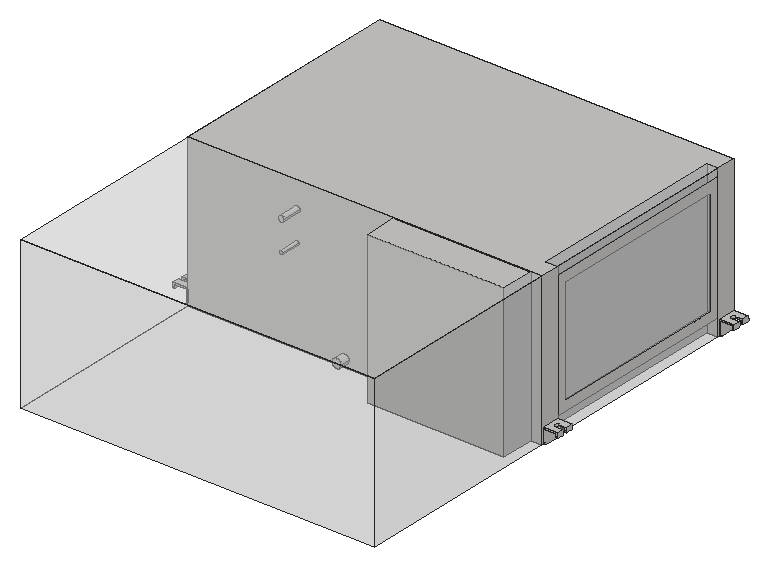
Revit family "outputfile", category 機械設備, Revit 2024
Family settings
  丸型コネクタ寸法 = 半径を使用
  パーツ タイプ = 標準
  OmniClass 番号 = 23.75.10.24.21.27.27
  OmniClass タイトル = Split System Air Conditioning Units
  作業面ベース = いいえ
  常に垂直 = はい
  ロード時にボイドで切り取り = いいえ
  注釈の向きを維持 = いいえ
  共有 = いいえ
  部屋計算ポイント = はい
Parameters (values of type "FXMQ125MFV1")
  Description = ""
  製造元 = "Daikin"
  書き出し IFC クラス(タイプ) = "IfcUnitaryEquipmentType"
  定義済み IFC タイプ(タイプ) = "AIRCONDITIONINGUNIT"
  Cost = 0
  モデル = "FXMQ125MFV1"
  Type Comments = ""
  Keynote = ""
  Type Image = (empty or 0)
  Assembly Code = ""
  w_dischargeflange = 660.0 mm
  w_suctionflange = 624.0 mm
  r_Liquid Pipe Size = Liquid Pipe Size / 2  # 4.75 mm
  r_Gas Pipe Size = Gas Pipe Size / 2  # 7.95 mm
  r_Drain Pipe Size = Drain Pipe Size / 2  # 13.8 mm
  lw_powersupply = 247.5 mm  # constant formula
  lw_mountinghole_pitch = 1148.0 mm  # constant formula
  lw_mountinghole = if(Depth = 744.0 mm, 29.5 mm, if(Depth = 1380.0 mm, 42.0 mm, 42.0 mm))  # 29.5 mm
  lw_liquidpipe = 760.0 mm  # constant formula
  lw_gaspipe = 760.0 mm  # constant formula
  lw_drainpipe = 613.0 mm  # constant formula
  lh_dischargeflange = 250.0 mm  # constant formula
  lh_powersupply = 20.0 mm  # constant formula
  lh_liquidpipe = 296.0 mm  # constant formula
  lh_gaspipe = 390.0 mm  # constant formula
  lh_drainpipe = 25.0 mm  # constant formula
  lh_suctionflange = 250.0 mm  # constant formula
  lh_antena = Height - lh_mountinghole + 1.0 mm  # 421.0 mm
  ld_dischargeflange = 372.0 mm
  ld_powersupply = 211.5 mm  # constant formula
  ld_mountinghole_pitch = if(Depth = 744.0 mm, 685.0 mm, if(Depth = 1380.0 mm, 1296.0 mm, 1296.0 mm))  # 685.0 mm
  ld_suctionflange = 372.0 mm
  h_dischargeflange = 390.0 mm  # constant formula
  lh_mountinghole = 50.0 mm  # constant formula
  h_mountinghole = [h***] + lh_mountinghole  # 50.0 mm
  h_suctionflange = 390.0 mm  # constant formula
  h*** = 0.0 mm  # constant formula
  d_dischargeflange = 25.0 mm  # constant formula
  d_pipe = if(Depth = 744.0 mm, 61.0 mm, if(Depth = 1380.0 mm, 60.0 mm, 60.0 mm))  # 61.0 mm
  d_suctionflange = 25.0 mm  # constant formula
  Width = 1100.0 mm
  Voltage_comment_50Hz = "220-240"
  Voltage_50Hz = 230 V
  Version = "ver.1.0"
  Unit Type = "Outdoor Air Processing Unit"
  Unit Mass Weight = 86.00 kg
  Unit Designation [instance] = ""
  Uniclass2015Version = "Products v1.30"
  Uniclass2015Title = "Variable refrigerant flow units"
  Uniclass2015Code = "Pr_70_65_03_94"
  URL = ""
  Total Heating Capacity [instance] = 0.000 kW
  Total Cooling Capacity [instance] = 0.000 kW
  Supply Air Direction [instance] = yes
  Sound Pressure Level_M speed (dBA) = 0
  Sound Pressure Level_L speed (dBA) = 0
  Sound Pressure Level_H speed (dBA) = 42
  Sound Power Level_H speed (dB) = 0
  Series = "VRV Fan Coil Unit"
  Sensible Cooling Capacity [instance] = 0.000 kW
  SA Duct Size Width = 600.0 mm
  SA Duct Size Height = 330.0 mm
  Refrigerant Type = "R410A"
  Power Input (Heating) = 0.359 kW
  Power Input (Cooling) = 0.359 kW
  Phase_50Hz = 1
  Option Accessory 3 [instance] = ""
  Option Accessory 2 [instance] = ""
  Option Accessory 1 [instance] = ""
  OA Duct Size Width = 564.0 mm
  OA Duct Size Height = 330.0 mm
  Nominal Heating Capacity = 8.900 kW
  Nominal Cooling Capacity = 14.000 kW
  Minimum External Static Pressure = 0.00 Pa
  Minimum Circuit Amps_50Hz = 1.9 A
  Minimum Airflow = 0.00 m³/h
  Median Airflow = 0.00 m³/h
  Maximum Fuse Amps_50Hz = 15.0 A
  Maximum External Static Pressure = 225.00 Pa
  Maximum Airflow = 1080.00 m³/h
  Material_Casing = DAIKIN_GalvanizedSteel_Casing_indoorunit
  Load Classification = HVAC
  Liquid Pipe Size = 9.5 mm
  Link_Nested Family [instance] = ""
  IfcVersion = "0"
  IfcExportType = "AIRCONDITIONINGUNIT"
  IfcExportAs = "IfcUnitaryEquipmentType"
  Height = 470.0 mm
  Heating Entering Wet Bulb Temperature [instance] = 0.00 °C
  Heating Entering Dry Bulb Temperature [instance] = 0.00 °C
  Heating Ambient Wet Bulb Temperature [instance] = 0.00 °C
  Heating Ambient Dry Bulb Temperature [instance] = 0.00 °C
  Heat Exchanger Type = "Cross Fin Coil"
  Gas Pipe Size = 15.9 mm
  Frequency_50Hz = 50 Hz
  Fan Type = "Sirocco Fan"
  Fan Drive = "Direct Drive"
  FCU Tag No. [instance] = ""
  Drain Pipe Size = 27.6 mm
  Design Supply Airflow [instance] = 0.00 m³/h
  Design Outdoor Airflow [instance] = 0.00 m³/h
  Design External Static Pressure [instance] = 0.00 Pa
  Depth = 744.0 mm
  既定の高さ = 0.0 mm
  Cooling Entering Wet Bulb Temperature [instance] = 0.00 °C
  Cooling Entering Dry Bulb Temperature [instance] = 0.00 °C
  Cooling Ambient Wet Bulb Temperature [instance] = 0.00 °C
  Cooling Ambient Dry Bulb Temperature [instance] = 0.00 °C
  Clearance visibility [instance] = yes
  Clearance Top = 0.0 mm
  Clearance Right = 0.0 mm
  Clearance Rear = 0.0 mm
  Clearance Left = 0.0 mm
  Clearance Front = 650.0 mm
  Clearance Bottom = 0.0 mm
Reference planes
  plane 1 "Center (Front/Back)": y = 0
  plane 2: z = 0
  plane 3 "Center (Left/Right)": x = 0
  plane 4 "Back": y = 372
  plane 5 "Front": y = -372
  plane 6 "Left": x = -550
  plane 7 "Right": x = 550
  plane 8 "Top": z = 0
  plane 9 "Bottom": z = -470
  plane 10: y = 372
  plane 11: y = -1022
  plane 12: x = 550
  plane 13: x = -550
  plane 14: z = 0
  plane 15: z = -470
  plane 16: y = -474
  plane 17: y = -402
  plane 18: y = -433
  plane 19 "ld_drainpipe": x = -63
  plane 20 "ld_liquidpipe": x = -210
  plane 21 "ld_gaspipe": x = -210
  plane 22 "lh_gaspipe": z = -80
  plane 23 "lh_drainpipe": z = -445
  plane 24 "lh_liquidpipe": z = -174
  plane 25 "h_mountinghole": z = -420
  plane 26 "lh_powersuply": z = -450
  plane 27 "lh_suctionflange": z = -220
  plane 28 "ld_suctionflange": y = 0
  plane 29 "ld_dischargeflange": y = 0
  plane 30 "lh_dischargeflange": z = -220
  plane 31 "control box1": x = 514
  plane 32 "control box2": x = 91
  plane 33: y = -423
  plane 34 "lw_powersupply": x = 302.5
  plane 35: y = 342.5
  plane 36: y = -342.5
  plane 37: x = -574
  plane 38: x = 574
  plane 39 "w_suctionflange1": y = 312
  plane 40 "w_suctionflange2": y = -312
Forms (mm)
  Extrusion 1, solid, material "DAIKIN_GalvanizedSteel_Casing_indoorunit" <- "Material_Casing"
    sketch origin (0, 0, 0) x (1, 0, 0) y (0, 0, 1)
      loop
        line (-550, 0) -> (-550, -470) -> (550, -470) -> (550, 0) -> (-550, 0)
    from -372 to 372
  Extrusion 2, solid, material "DAIKIN_GalvanizedSteel_Casing_indoorunit" <- "Material_Casing"
    sketch origin (0, 0, 0) x (1, 0, 0) y (0, 0, 1)
      loop
        line (91, -470) -> (514, -470) -> (514, 0) -> (91, 0) -> (91, -470)
    from 372 to 474
  Extrusion 3, solid, material "DAIKIN_GalvanizedSteel_Casing_indoorunit" <- "Material_Casing"
    sketch origin (0, 0, 0) x (1, 0, 0) y (0, 0, 1)
      loop
        circle (-210, -174) r 4.75
      loop
        circle (-210, -80) r 7.95
    from 372 to 433
  Extrusion 4, solid, material "DAIKIN_GalvanizedSteel_Casing_indoorunit" <- "Material_Casing"
    sketch origin (63, 0, 0) x (1, 0, 0) y (0, 0, 1)
      loop
        circle (-126, -445) r 13.8
    from 372 to 402
  Extrusion 5, void
    sketch origin (0, 0, 0) x (0, 1, 0) y (0, 0, 1)
      loop
        line (-312, 545) -> (-312, -985) -> (312, -985) -> (312, 545) -> (-312, 545)
    from 514 to 550
Cuts and joins
  Extrusion 5 cuts Extrusion 1
Dimensions and locks
  "Height": plane 8 "Top" to plane 9 "Bottom"
  equal spacing: plane 6 "Left", plane 3 "Center (Left/Right)", plane 7 "Right"
  "Width": plane 6 "Left" to plane 7 "Right"
  equal spacing: plane 4 "Back", plane 1 "Center (Front/Back)", plane 5 "Front"
  "Depth": plane 4 "Back" to plane 5 "Front"
  "Clearance Left": plane 13 to plane 6 "Left"
  "Clearance Right": plane 7 "Right" to plane 12
  "Clearance Rear": plane 10 to plane 4 "Back"
  "Clearance Front": plane 5 "Front" to plane 11
  "Clearance Top": plane 14 to plane 8 "Top"
  "Clearance Bottom": plane 9 "Bottom" to plane 15
  locked: plane 5 "Front" to plane 16 at 102
  "d_pipe": plane 5 "Front" to plane 18
  "lw_drainpipe": plane 19 "ld_drainpipe" to plane 7 "Right"
  "lw_liquidpipe": plane 20 "ld_liquidpipe" to plane 7 "Right"
  "lw_gaspipe": plane 21 "ld_gaspipe" to plane 7 "Right"
  "lh_gaspipe": plane 22 "lh_gaspipe" to plane 9 "Bottom"
  "lh_liquidpipe": plane 24 "lh_liquidpipe" to plane 9 "Bottom"
  "lh_drainpipe": plane 23 "lh_drainpipe" to plane 9 "Bottom"
  "lh_mountinghole": plane 25 "h_mountinghole" to plane 9 "Bottom"
  "lh_powersupply": plane 26 "lh_powersuply" to plane 9 "Bottom"
  "lh_suctionflange": plane 27 "lh_suctionflange" to plane 9 "Bottom"
  "ld_suctionflange": plane 28 "ld_suctionflange" to plane 5 "Front"
  "ld_dischargeflange": plane 4 "Back" to plane 29 "ld_dischargeflange"
  "lh_dischargeflange": plane 30 "lh_dischargeflange" to plane 9 "Bottom"
  locked: plane 5 "Front" to plane 17 at 30
  locked: plane 32 "control box2" to plane 31 "control box1" at 423
  locked: plane 31 "control box1" to plane 7 "Right" at 36
  "lw_powersupply": plane 34 "lw_powersupply" to plane 7 "Right"
  equal spacing: plane 37, plane 3 "Center (Left/Right)", plane 38
  "lw_mountinghole_pitch": plane 37 to plane 38
  "lw_mountinghole": plane 36 to plane 5 "Front"
  "ld_mountinghole_pitch": plane 35 to plane 36
  equal spacing: plane 5 "Front", plane 33, plane 16, locked at 51 each
  equal spacing: plane 39 "w_suctionflange1", plane 29 "ld_dischargeflange", plane 40 "w_suctionflange2"
  "w_suctionflange": plane 39 "w_suctionflange1" to plane 40 "w_suctionflange2"
  "r_Liquid Pipe Size": radius of Extrusion 3 sketch curve
  "r_Gas Pipe Size": radius of Extrusion 3 sketch curve
  "r_Drain Pipe Size": radius of Extrusion 4 sketch curve
  aligned and locked: level to plane 2
  aligned and locked: Extrusion 1 sketch curve to plane 8 "Top"
  aligned and locked: Extrusion 1 sketch curve to plane 6 "Left"
  aligned and locked: plane 9 "Bottom" to Extrusion 1 sketch curve
  aligned and locked: Extrusion 1 sketch curve to plane 7 "Right"
  aligned and locked: plane 4 "Back" to Extrusion 1
  aligned and locked: Extrusion 1 to plane 5 "Front"
  aligned and locked: plane 10 to nested 1
  aligned and locked: plane 11 to nested 1
  aligned and locked: plane 12 to nested 1
  aligned and locked: nested 1 to plane 13
  aligned and locked: plane 15 to nested 1
  aligned and locked: plane 14 to nested 1
  aligned and locked: Extrusion 2 to plane 16
  aligned and locked: plane 5 "Front" to Extrusion 2
  aligned and locked: plane 24 "lh_liquidpipe" to Extrusion 3 sketch curve
  aligned and locked: plane 20 "ld_liquidpipe" to Extrusion 3 sketch curve
  aligned and locked: plane 21 "ld_gaspipe" to Extrusion 3 sketch curve
  aligned and locked: plane 22 "lh_gaspipe" to Extrusion 3 sketch curve
  aligned and locked: Extrusion 3 to plane 18
  aligned and locked: plane 5 "Front" to Extrusion 3
  aligned and locked: nested 2 to plane 5 "Front"
  aligned and locked: nested 2 to plane 19 "ld_drainpipe"
  aligned and locked: plane 23 "lh_drainpipe" to nested 2
  aligned and locked: nested 3 to plane 5 "Front"
  aligned and locked: nested 4 to plane 5 "Front"
  aligned and locked: plane 24 "lh_liquidpipe" to nested 3
  aligned and locked: plane 22 "lh_gaspipe" to nested 4
  aligned and locked: plane 25 "h_mountinghole" to nested 5
  aligned and locked: plane 25 "h_mountinghole" to nested 6
  aligned and locked: nested 7 to plane 25 "h_mountinghole"
  aligned and locked: nested 8 to plane 25 "h_mountinghole"
  aligned and locked: nested 13 to plane 26 "lh_powersuply"
  aligned and locked: plane 1 "Center (Front/Back)" to nested 14
  aligned and locked: nested 14 to plane 3 "Center (Left/Right)"
  aligned and locked: nested 15 to plane 29 "ld_dischargeflange"
  aligned and locked: nested 15 to plane 6 "Left"
  aligned and locked: plane 30 "lh_dischargeflange" to nested 15
  aligned and locked: nested 16 to plane 6 "Left"
  aligned and locked: nested 16 to plane 29 "ld_dischargeflange"
  aligned and locked: plane 28 "ld_suctionflange" to nested 17
  aligned and locked: nested 17 to plane 27 "lh_suctionflange"
  aligned and locked: nested 16 to plane 30 "lh_dischargeflange"
  aligned and locked: nested 3 to plane 20 "ld_liquidpipe"
  aligned and locked: nested 4 to plane 21 "ld_gaspipe"
  aligned and locked: Extrusion 2 sketch curve to plane 31 "control box1"
  aligned and locked: Extrusion 2 sketch curve to plane 32 "control box2"
  aligned and locked: Extrusion 2 sketch curve to plane 14
  aligned and locked: Extrusion 2 sketch curve to plane 15
  aligned and locked: plane 19 "ld_drainpipe" to Extrusion 4 sketch curve
  aligned and locked: plane 23 "lh_drainpipe" to Extrusion 4 sketch curve
  aligned and locked: Extrusion 4 to plane 17
  aligned and locked: nested 13 to plane 34 "lw_powersupply"
  aligned and locked: plane 33 to nested 13
  aligned and locked: nested 5 to plane 35
  aligned and locked: plane 35 to nested 7
  aligned and locked: nested 6 to plane 36
  aligned and locked: plane 36 to nested 8
  aligned and locked: nested 18 to plane 1 "Center (Front/Back)"
  aligned and locked: plane 27 "lh_suctionflange" to nested 18
  aligned and locked: Extrusion 5 sketch curve to plane 39 "w_suctionflange1"
  aligned and locked: Extrusion 5 sketch curve to plane 40 "w_suctionflange2"
  aligned and locked: plane 7 "Right" to Extrusion 5
  aligned and locked: plane 7 "Right" to nested 18
  aligned and locked: plane 3 "Center (Left/Right)" to nested 17
  aligned and locked: nested 11 to plane 37
  aligned and locked: nested 12 to plane 38
  aligned and locked: nested 10 to plane 37
  aligned and locked: nested 9 to plane 38
  aligned and locked: nested 5 to plane 6 "Left"
  aligned and locked: nested 7 to plane 7 "Right"
  aligned and locked: nested 8 to plane 7 "Right"
  aligned and locked: nested 9 to plane 36
  aligned and locked: nested 10 to plane 36
  aligned and locked: nested 12 to plane 35
  aligned and locked: nested 11 to plane 35
  aligned and locked: Extrusion 5 to Extrusion 2
Automatic sketch dimensions
  level to Extrusion 5 sketch curve = 545.0 mm
  Extrusion 5 sketch curve to plane 9 "Bottom" = 515.0 mm
Nested families
  nested 1: "daikin_clearancespace" at (0, -325, -234.881), visible <- "Clearance visibility", show <- "Clearance visibility", Link_Nested Family <- "Link_Nested Family", type "daikin_clearancespace"
    with width 1100.0 mm, show yes, height 470.0 mm, depth 1394.0 mm, Link_Nested Family ""
  nested 2: "daikin_connector_rotate2" at (-63, -372, -445), radius <- "r_Drain Pipe Size", type "daikin_connector_rotate2"
    with radius 13.8 mm, length 30.0 mm, angle_vertical 90.00°, show_face no
  nested 3: "daikin_connector_rotate2" at (-210, -372, -174), length <- "d_pipe", radius <- "r_Liquid Pipe Size", type "daikin_connector_rotate2"
    with radius 4.75 mm, length 61.0 mm, angle_vertical 90.00°, show_face no
  nested 4: "daikin_connector_rotate2" at (-210, -372, -80), length <- "d_pipe", radius <- "r_Gas Pipe Size", type "daikin_connector_rotate2"
    with radius 7.95 mm, length 61.0 mm, angle_vertical 90.00°, show_face no
  nested 5: "daikin_hangerfixture_FXMQ-MFV1" at (-550, 342.5, -420) x (0, -1, 0) z (0, 0, 1), type "daikin_hangerfixture_FXMQ-MFV1"
  nested 6: "daikin_hangerfixture_FXMQ-MFV1" at (-550, -342.5, -420) x (0, -1, 0) z (0, 0, 1), type "daikin_hangerfixture_FXMQ-MFV1"
  nested 7: "daikin_hangerfixture_FXMQ-MFV1" at (550, 342.5, -420) x (0, -1, 0) z (0, 0, 1), type "daikin_hangerfixture_FXMQ-MFV1"
  nested 8: "daikin_hangerfixture_FXMQ-MFV1" at (550, -342.5, -420) x (0, -1, 0) z (0, 0, 1), type "daikin_hangerfixture_FXMQ-MFV1"
  nested 9: "daikin_mountinghole" at (574, -342.5, -470), Link_Nested Family <- "Link_Nested Family", l_antenna <- "lh_antena", h_mountinghole <- "h_mountinghole", type "daikin_mountinghole"
    with show yes, l_antenna 421.0 mm, h_mountinghole 50.0 mm, Link_Nested Family ""
  nested 10: "daikin_mountinghole" at (-574, -342.5, -470), Link_Nested Family <- "Link_Nested Family", l_antenna <- "lh_antena", h_mountinghole <- "h_mountinghole", type "daikin_mountinghole"
    with show yes, l_antenna 421.0 mm, h_mountinghole 50.0 mm, Link_Nested Family ""
  nested 11: "daikin_mountinghole" at (-574, 342.5, -470), Link_Nested Family <- "Link_Nested Family", l_antenna <- "lh_antena", h_mountinghole <- "h_mountinghole", type "daikin_mountinghole"
    with show yes, l_antenna 421.0 mm, h_mountinghole 50.0 mm, Link_Nested Family ""
  nested 12: "daikin_mountinghole" at (574, 342.5, -470), Link_Nested Family <- "Link_Nested Family", l_antenna <- "lh_antena", h_mountinghole <- "h_mountinghole", type "daikin_mountinghole"
    with show yes, l_antenna 421.0 mm, h_mountinghole 50.0 mm, Link_Nested Family ""
  nested 13: "daikin_connector_rotate2" at (302.5, -423, -450) x (0, 1, 0) z (0, 0, 1), length <- "ld_powersupply", type "daikin_connector_rotate2"
    with radius 10.0 mm, length 211.5 mm, angle_vertical 90.00°, show_face no
  nested 14: "daikin_△_symbolicline" at (0, 0, 470) x (0, -1, 0) z (0, 0, 1), visible <- "Supply Air Direction", built-in parameter 1001364 <- "Height", type "daikin_△_symbolicline"
    with length 300.0 mm
  nested 15: "daikin_ductflange_FXMQ-MFV1_1" at (-550, 0, -415) x (0, -1, 0) z (0, 0, 1), material <- "Material_Casing", depth <- "d_dischargeflange", height <- "h_dischargeflange", width <- "w_dischargeflange", type "daikin_ductflange_FXMQ-MFV1"
    with width 660.0 mm, top1 30.0 mm, right1 30.0 mm, material DAIKIN_GalvanizedSteel_Casing_indoorunit, left1 30.0 mm, height 390.0 mm, depth 25.0 mm, Bottom1 30.0 mm
  nested 16: "daikin_connector_rotate2" at (-550, 0, -220) x (0, -1, 0) z (0, 0, 1), length <- "d_dischargeflange", type "daikin_connector_rotate2"
    with radius 10.0 mm, length 25.0 mm, angle_vertical 90.00°, show_face no
  nested 17: "daikin_connector_rotate2" at (0, 0, -220) x (0, 1, 0) z (0, 0, 1), type "daikin_connector_rotate2"
    with radius 10.0 mm, length 550.0 mm, angle_vertical 90.00°, show_face no
  nested 18: "daikin_ductflange_FXMQ-MFV1_2" at (549, 0, -415) x (0, 1, 0) z (0, 0, 1), width <- "w_suctionflange", height <- "h_suctionflange", type "daikin_ductflange_FXMQ-MFV1_2"
    with width 624.0 mm, height 390.0 mm, depth 1.0 mm
Connectors
  piping at (-210, -433, -174), diameter 9.5, driven by "r_Liquid Pipe Size"
    settings: on nested 3, index 2, connector inside diameter 609.6 mm, connector length 0.0 mm, flow factor 0, pipe flow 0.00 m³/h, pressure drop 0.0 Pa, fitting loss kfactor 0, connector angle 0.00°, fixture units 0, engagement length 0.0 mm, angle of deflection 0.00°, flow configuration 1, flow direction 1, fitting loss method 0, system type 29, joint type 0, gender type 0, connector reference index -1, connector utility 0, adjustable connector no, is connector primary yes, connector description "Refrigerant Liquid Piping"
  piping at (-210, -433, -80), diameter 15.9, driven by "r_Gas Pipe Size"
    settings: on nested 4, index 3, connector inside diameter 609.6 mm, connector length 0.0 mm, flow factor 0, pipe flow 0.00 m³/h, pressure drop 0.0 Pa, fitting loss kfactor 0, connector angle 0.00°, fixture units 0, engagement length 0.0 mm, angle of deflection 0.00°, flow configuration 1, flow direction 2, fitting loss method 0, system type 29, joint type 0, gender type 0, connector reference index -1, connector utility 0, adjustable connector no, is connector primary no, connector description "Refrigerant Gas Piping"
  electrical at (514, -423, -450), driven by "Load Classification"
    settings: on nested 13, index 4, voltage 0 V, apparent load 0 VA, apparent load phase1 0 VA, apparent load phase2 0 VA, apparent load phase3 0 VA, power factor 1, load classification "HVAC", number of poles 1, system type 30, power factor state 1, is connector primary yes, connector utility no, sub classification motor no, connector description "Power Supply"
  hvac at (-575, 0, -220), driven by "SA Duct Size Height", driven by "SA Duct Size Width"
    settings: on nested 15, index 6, duct flow 0.00 m³/h, flow factor 0, pres drop 0.00 Pa, loss coef 0, conn angle 0.00°, conn width 600.0 mm, conn height 330.0 mm, conn diameter 609.6 mm, duct sys type 1, conn prof type 1, flow config 0, flow direction 2, loss method 4, conn ref index -1, conn util no, is conn primary yes, conn desc "SA Duct"
  piping at (-63, -402, -445), diameter 27.6, driven by "r_Drain Pipe Size"
    settings: on Extrusion 4, index 7, connector inside diameter 609.6 mm, connector length 0.0 mm, flow factor 0, pipe flow 0.00 m³/h, pressure drop 0.0 Pa, fitting loss kfactor 0, connector angle 0.00°, fixture units 0, engagement length 0.0 mm, angle of deflection 0.00°, flow configuration 1, flow direction 2, fitting loss method 4, system type 16, joint type 0, gender type 0, connector reference index -1, connector utility 0, adjustable connector no, is connector primary no, connector description "Condensate Drain Piping"
  hvac at (550, 0, -220), driven by "OA Duct Size Height", driven by "OA Duct Size Width"
    settings: on nested 18, index 8, duct flow 0.00 m³/h, flow factor 0, pres drop 0.00 Pa, loss coef 0, conn angle 0.00°, conn width 564.0 mm, conn height 330.0 mm, conn diameter 609.6 mm, duct sys type 1, conn prof type 1, flow config 0, flow direction 1, loss method 4, conn ref index -1, conn util no, is conn primary no, conn desc "OA Duct"
Definition of nested family "daikin_clearancespace"
  Parameters (values of type "daikin_clearancespace")
    width [instance] = 1823.963 mm
    show [instance] = yes
    material = none
    height [instance] = 1359.762 mm
    depth [instance] = 880.0 mm
    Default Elevation = 0.0 mm
    Link_Nested Family [instance] = ""
  Reference planes
    plane 1 "Center (Front/Back)": y = 0
    plane 2 "Center (Elevation)": z = -0.119
    plane 3 "Center (Left/Right)": x = 0
    plane 4: y = 440
    plane 5: y = -440
    plane 6 "Right": x = 911.982
    plane 7 "Left": x = -911.982
    plane 8 "Top": z = 679.762
    plane 9 "Bottom": z = -680
  Forms (mm)
    Extrusion 1, solid, material <- "material", visible <- "show"
      sketch origin (0, 0, 0) x (1, 0, 0) y (0, 1, 0)
        loop
          line (-911.982, 440) -> (-911.982, -440) -> (911.982, -440) -> (911.982, 440) -> (-911.982, 440)
      from -680 to 679.762
  Lines and regions (mm)
    symbolic lines, visible <- "show"
      curve 1: line (911.982, 440, 0) -> (-911.982, 440, 0)
      curve 2: line (-911.982, 440, 0) -> (-911.982, -440, 0)
      curve 3: line (-911.982, -440, 0) -> (911.982, -440, 0)
      curve 4: line (911.982, -440, 0) -> (911.982, 440, 0)
      curve 5: line (911.982, 0, 679.762) -> (-911.982, 0, 679.762)
      curve 6: line (911.982, 0, -680) -> (911.982, 0, 679.762)
      curve 7: line (-911.982, 0, -680) -> (911.982, 0, -680)
      curve 8: line (-911.982, 0, 679.762) -> (-911.982, 0, -680)
      curve 9: line (0, 440, 679.762) -> (0, -440, 679.762)
      curve 10: line (0, -440, 679.762) -> (0, -440, -680)
      curve 11: line (0, 440, -680) -> (0, 440, 679.762)
      curve 12: line (0, -440, -680) -> (0, 440, -680)
  Dimensions and locks
    "width": plane 7 "Left" to plane 6 "Right"
    "depth": plane 4 to plane 5
    "height": plane 8 "Top" to plane 9 "Bottom"
    equal spacing: plane 7 "Left", plane 3 "Center (Left/Right)", plane 6 "Right"
    equal spacing: plane 4, plane 1 "Center (Front/Back)", plane 5
    equal spacing: plane 8 "Top", plane 2 "Center (Elevation)", plane 9 "Bottom"
    aligned and locked: level to plane 2 "Center (Elevation)"
    aligned and locked: Extrusion 1 sketch curve to plane 4
    aligned and locked: plane 7 "Left" to Extrusion 1 sketch curve
    aligned and locked: Extrusion 1 sketch curve to plane 5
    aligned and locked: Extrusion 1 sketch curve to plane 6 "Right"
    aligned and locked: plane 8 "Top" to Extrusion 1
    aligned and locked: curve 1 to Extrusion 1
    aligned and locked: curve 2 to Extrusion 1
    aligned and locked: curve 3 to Extrusion 1
    aligned and locked: curve 4 to Extrusion 1
    aligned and locked: curve 5 to Extrusion 1
    aligned and locked: curve 6 to Extrusion 1
    aligned and locked: curve 7 to Extrusion 1
    aligned and locked: curve 8 to Extrusion 1
    aligned and locked: curve 9 to Extrusion 1
    aligned and locked: curve 10 to Extrusion 1
    aligned and locked: curve 11 to Extrusion 1
    aligned and locked: curve 12 to Extrusion 1
    aligned and locked: Extrusion 1 to plane 9 "Bottom"
Definition of nested family "daikin_hangerfixture_FXMQ-MFV1"
  Parameters (values of type "daikin_hangerfixture_CeilingMountedDuct")
    width = if(D = 744.0 mm, 55.0 mm, if(D = 1380.0 mm, 80.0 mm, 80.0 mm))  # 55.0 mm
    material = none
    height = 50.0 mm
    depth = 47.0 mm
    Default Elevation = 0.0 mm
    D = 744.0 mm
  Reference planes
    plane 1 "Center (Front/Back)": y = 0
    plane 2: z = 0
    plane 3 "Center (Left/Right)": x = 0
    plane 4: y = 417.146
    plane 5: y = -47
    plane 6: x = -27.5
    plane 7: x = 27.5
    plane 8: z = -5
    plane 9: z = -50
    plane 10: y = -5
    plane 11: y = -42
    plane 12: y = -24
    plane 13: z = -15
  Forms (mm)
    Extrusion 1, solid, material <- "material"
      sketch origin (0, 0, 0) x (1, 0, 0) y (0, 1, 0)
        loop
          line (27.5, 0) -> (-27.5, 0) -> (-27.5, -47) -> (-7, -47) -> (-7, -24)
          arc (-7, -24) -> (0, -17) -> (7, -24) r 7
          line (7, -24) -> (7, -47) -> (27.5, -47) -> (27.5, 0)
      from 0 to -5
    Extrusion 2, solid, material <- "material"
      sketch origin (0, 0, 0) x (1, 0, 0) y (0, 0, 1)
        loop
          line (27.5, -40) -> (27.5, 0) -> (-27.5, 0) -> (-27.5, -40)
          arc (-27.5, -40) -> (-24.571, -47.071) -> (-17.5, -50) r 10
          line (-17.5, -50) -> (17.5, -50)
          arc (17.5, -50) -> (24.571, -47.071) -> (27.5, -40) r 10
      from 0 to 5
    Extrusion 3, solid, material <- "material"
      sketch origin (0, 0, 0) x (1, 0, 0) y (0, 0, 1)
        loop
          line (-7, -12) -> (-7, 0) -> (-27.5, 0) -> (-27.5, -12)
          arc (-27.5, -12) -> (-26.621, -14.121) -> (-24.5, -15) r 3
          line (-24.5, -15) -> (-10, -15)
          arc (-10, -15) -> (-7.879, -14.121) -> (-7, -12) r 3
        loop
          line (7, 0) -> (7, -12)
          arc (7, -12) -> (7.879, -14.121) -> (10, -15) r 3
          line (10, -15) -> (24.5, -15)
          arc (24.5, -15) -> (26.621, -14.121) -> (27.5, -12) r 3
          line (27.5, -12) -> (27.5, 0) -> (7, 0)
      from 42 to 47
  Cuts and joins
    joined: Extrusion 1, Extrusion 2, Extrusion 3
  Dimensions and locks
    "width": plane 6 to plane 7
    "depth": plane 5 to plane 1 "Center (Front/Back)"
    locked: plane 2 to plane 8 at 5
    "height": plane 2 to plane 9
    locked: plane 10 to plane 1 "Center (Front/Back)" at 5
    locked: plane 11 to plane 5 at 5
    locked: plane 2 to plane 13 at 15
    equal spacing: plane 6, plane 3 "Center (Left/Right)", plane 7
    plane 12 to plane 1 "Center (Front/Back)" = 24.0 mm
    aligned and locked: level to plane 2
    aligned and locked: Extrusion 1 sketch curve to plane 1 "Center (Front/Back)"
    aligned and locked: plane 7 to Extrusion 1
    aligned and locked: Extrusion 1 to plane 6
    aligned and locked: Extrusion 1 to plane 5  (x2)
    aligned and locked: Extrusion 1 to plane 8
    aligned and locked: plane 2 to Extrusion 1
    aligned and locked: plane 2 to Extrusion 2 sketch curve
    aligned and locked: Extrusion 2 to plane 10
    aligned and locked: Extrusion 2 to plane 1 "Center (Front/Back)"
    aligned and locked: plane 2 to Extrusion 3 sketch curve  (x2)
    aligned and locked: plane 11 to Extrusion 3
    aligned and locked: Extrusion 3 to plane 5
    aligned and locked: plane 9 to Extrusion 2 sketch curve
    aligned and locked: cut or joined group of Extrusion 1, Extrusion 2, Extrusion 3 to plane 13  (x2)
    aligned and locked: plane 3 "Center (Left/Right)" to Extrusion 1 sketch curve
    aligned and locked: cut or joined group of Extrusion 1, Extrusion 2, Extrusion 3 to cut or joined group of Extrusion 1, Extrusion 2, Extrusion 3  (x2)
  Automatic sketch dimensions
    Extrusion 1 sketch curve to plane 6 = 0.0 mm
    Extrusion 1 sketch curve to plane 5 = 0.0 mm  (x2)
    Extrusion 1 sketch curve to plane 7 = 0.0 mm
    Extrusion 1 sketch curve to plane 3 "Center (Left/Right)" = 7.0 mm
    Extrusion 2 sketch curve to plane 7 = 0.0 mm
    Extrusion 2 sketch curve to plane 7 = 10.0 mm
    plane 6 to Extrusion 2 sketch curve = 10.0 mm
    Extrusion 2 sketch curve to plane 6 = 0.0 mm
    Extrusion 3 sketch curve to plane 6 = 0.0 mm
    Extrusion 3 sketch curve to plane 7 = 0.0 mm
    Extrusion 3 sketch curve to Extrusion 3 sketch curve = 3.0 mm  (x3)
    Extrusion 3 sketch curve to plane 8 = 7.0 mm
    Extrusion 3 sketch curve to plane 3 "Center (Left/Right)" = 7.0 mm
    plane 3 "Center (Left/Right)" to Extrusion 3 sketch curve = 7.0 mm
    Extrusion 3 sketch curve to plane 7 = 3.0 mm
    Extrusion 3 sketch curve to plane 8 = 10.0 mm
    Extrusion 1 sketch curve to plane 12 = 0.0 mm
Definition of nested family "daikin_ductflange_FXMQ-MFV1_1"
  Parameters (values of type "daikin_ductflange_FXMQ-MFV1")
    width [instance] = 670.0 mm
    right1 [instance] = 22.5 mm
    left1 [instance] = 22.5 mm
    Bottom1 [instance] = 25.0 mm
    material [instance] = none
    height [instance] = 272.0 mm
    depth [instance] = 25.0 mm
    top1 [instance] = 25.0 mm
    Default Elevation = 0.0 mm
  Reference planes
    plane 1 "Center (Front/Back)": y = 0
    plane 2: z = 0
    plane 3 "Center (Left/Right)": x = 0
    plane 4: y = -25
    plane 5: x = -335
    plane 6: x = 335
    plane 7 "Top": z = 272
    plane 8: y = -1
    plane 9: x = -312.5
    plane 10: x = 312.5
    plane 11: z = 247
    plane 12: z = 25
    plane 13 "Center (Elevation)": z = 136
  Forms (mm)
    Extrusion 1, solid, material <- "material"
      sketch origin (0, 0, 0) x (1, 0, 0) y (0, 0, 1)
        loop
          line (-335, 272) -> (-335, 0) -> (335, 0) -> (335, 272) -> (-335, 272)
        loop
          line (-312.5, 247) -> (-312.5, 25) -> (312.5, 25) -> (312.5, 247) -> (-312.5, 247)
      from 0 to 1
    Extrusion 2, solid, material <- "material"
      sketch origin (0, 0, 0) x (1, 0, 0) y (0, 1, 0)
        loop
          line (-312.5, -1) -> (-317.5, -1) -> (-317.5, -25) -> (-312.5, -25) -> (-312.5, -1)
        loop
          line (312.5, -1) -> (312.5, -25) -> (317.5, -25) -> (317.5, -1) -> (312.5, -1)
      from 0 to 272
    Extrusion 3, solid, material <- "material"
      sketch origin (0, 0, 0) x (0, 1, 0) y (0, 0, 1)
        loop
          line (-1, 247) -> (-1, 252) -> (-25, 252) -> (-25, 247) -> (-1, 247)
        loop
          line (-1, 25) -> (-25, 25) -> (-25, 20) -> (-1, 20) -> (-1, 25)
      from -312.5 to 312.5
  Cuts and joins
    joined: Extrusion 1, Extrusion 2, Extrusion 3
  Dimensions and locks
    "height": plane 7 "Top" to plane 2
    "width": plane 5 to plane 6
    equal spacing: plane 5, plane 3 "Center (Left/Right)", plane 6
    "depth": plane 1 "Center (Front/Back)" to plane 4
    locked: plane 8 to plane 1 "Center (Front/Back)" at 1
    "left1": plane 5 to plane 9
    "right1": plane 10 to plane 6
    locked: Extrusion 2 sketch curve to Extrusion 2 sketch curve at 5  (x2)
    "top1": plane 7 "Top" to plane 11
    "Bottom1": plane 12 to plane 2
    equal spacing: plane 7 "Top", plane 13 "Center (Elevation)", plane 2
    locked: Extrusion 3 sketch curve to cut or joined group of Extrusion 1, Extrusion 2, Extrusion 3 at 5
    locked: Extrusion 3 sketch curve to Extrusion 3 sketch curve at 5
    aligned and locked: level to plane 2
    aligned and locked: Extrusion 1 sketch curve to plane 7 "Top"
    aligned and locked: plane 5 to Extrusion 1 sketch curve
    aligned and locked: Extrusion 1 sketch curve to plane 6
    aligned and locked: plane 2 to Extrusion 1 sketch curve
    aligned and locked: Extrusion 1 to plane 8
    aligned and locked: Extrusion 2 sketch curve to plane 8
    aligned and locked: Extrusion 2 sketch curve to plane 9
    aligned and locked: plane 8 to Extrusion 2 sketch curve
    aligned and locked: Extrusion 2 sketch curve to plane 10
    aligned and locked: plane 8 to Extrusion 3 sketch curve
    aligned and locked: Extrusion 3 sketch curve to plane 8
    aligned and locked: plane 4 to Extrusion 2 sketch curve
    aligned and locked: Extrusion 2 sketch curve to plane 4
    aligned and locked: plane 4 to Extrusion 3 sketch curve
    aligned and locked: Extrusion 3 sketch curve to plane 4
    aligned and locked: plane 9 to Extrusion 1 sketch curve
    aligned and locked: Extrusion 1 sketch curve to plane 10
    aligned and locked: plane 12 to Extrusion 1 sketch curve
    aligned and locked: Extrusion 1 sketch curve to plane 11
    aligned and locked: plane 10 to cut or joined group of Extrusion 1, Extrusion 2, Extrusion 3
    aligned and locked: cut or joined group of Extrusion 1, Extrusion 2, Extrusion 3 to plane 9
    aligned and locked: plane 7 "Top" to cut or joined group of Extrusion 1, Extrusion 2, Extrusion 3
    aligned and locked: cut or joined group of Extrusion 1, Extrusion 2, Extrusion 3 to plane 2
  Automatic sketch dimensions
    Extrusion 3 sketch curve to plane 11 = 0.0 mm
    Extrusion 3 sketch curve to plane 12 = 0.0 mm
Definition of nested family "daikin_ductflange_FXMQ-MFV1_2"
  Parameters (values of type "daikin_ductflange_FXDSQ-AVM2")
    width [instance] = 624.0 mm
    material = none
    height [instance] = 390.0 mm
    depth [instance] = 1.0 mm
    Default Elevation = 0.0 mm
  Reference planes
    plane 1 "Center (Front/Back)": y = 0
    plane 2: z = 0
    plane 3 "Center (Left/Right)": x = 0
    plane 4: x = -312
    plane 5: x = 312
    plane 6 "Top": z = 390
    plane 7: y = -1
    plane 8: z = 360
    plane 9: z = 30
    plane 10 "Center (Elevation)": z = 195
    plane 11: x = -282
    plane 12: x = 282
  Forms (mm)
    Extrusion 1, solid, material <- "material"
      sketch origin (0, 0, 0) x (1, 0, 0) y (0, 0, 1)
        loop
          line (-312, 390) -> (-312, 0) -> (312, 0) -> (312, 390) -> (-312, 390)
        loop
          line (-282, 360) -> (-282, 30) -> (282, 30) -> (282, 360) -> (-282, 360)
      from 0 to 1
  Dimensions and locks
    "height": plane 6 "Top" to plane 2
    "width": plane 4 to plane 5
    equal spacing: plane 4, plane 3 "Center (Left/Right)", plane 5
    Extrusion 1 sketch curve to Extrusion 1 sketch curve = 30.0 mm  (x4)
    "depth": plane 7 to plane 1 "Center (Front/Back)"
    locked: plane 6 "Top" to plane 8 at 30
    locked: plane 9 to plane 2 at 30
    equal spacing: plane 6 "Top", plane 10 "Center (Elevation)", plane 2
    locked: plane 11 to plane 4 at 30
    plane 5 to plane 12 = 30.0 mm
    aligned and locked: level to plane 2
    aligned and locked: Extrusion 1 sketch curve to plane 6 "Top"
    aligned and locked: plane 4 to Extrusion 1 sketch curve
    aligned and locked: Extrusion 1 sketch curve to plane 5
    aligned and locked: plane 2 to Extrusion 1 sketch curve
    aligned and locked: plane 11 to Extrusion 1  (x2)
    aligned and locked: Extrusion 1 to plane 12  (x2)
    aligned and locked: Extrusion 1 to plane 8
    aligned and locked: plane 9 to Extrusion 1
Definition of nested family "daikin_connector_rotate2"
  Parameters (values of type "daikin_connector_rotate2")
    show_face = yes
    radius [instance] = 10.0 mm
    length [instance] = 600.0 mm
    d_surface = 10.0 mm
    angle_vertical [instance] = 90.00°
    Default Elevation = 0.0 mm
  Reference planes
    plane 1 "Center (Front/Back)": y = 0
    plane 2: z = 0
    plane 3 "Center (Left/Right)": x = 0
  Forms (mm)
    Extrusion 1, solid, visible <- "show_face"
      sketch origin (0, -600, 0) x (1, 0, 0) y (0, 0, 1)
        loop
          circle (0, 0) r 10
      from 0 to -10
  Lines and regions (mm)
    reference lines
      curve 1: line (0, 0, 0) -> (0, -600, 0)
    symbolic lines
      curve 2: circle (0, 0, 0) r 5 normal (0, 0, 1)
    model lines, visible <- "show_face"
      curve 3: line (0, 0, 0) -> (0, -600, 0)
  Dimensions and locks
    "length": curve 1 to curve 1
    "length": curve 3 to curve 3
    "d_surface": Extrusion 1 to Extrusion 1
    "radius": radius of Extrusion 1 sketch curve
    "angle_vertical": angle curve 1 to plane 1 "Center (Front/Back)"
    "angle_vertical": angle curve 3 to plane 1 "Center (Front/Back)"
    aligned and locked: level to plane 2
    aligned and locked: plane 1 "Center (Front/Back)" to curve 1
    aligned and locked: plane 2 to curve 1
    aligned and locked: plane 1 "Center (Front/Back)" to curve 2
    aligned and locked: plane 3 "Center (Left/Right)" to curve 2
    aligned and locked: plane 1 "Center (Front/Back)" to curve 3
    aligned and locked: plane 2 to curve 3
    aligned and locked: Extrusion 1 to Extrusion 1
  Automatic sketch dimensions
    Extrusion 1 sketch curve to level = 0.0 mm
    Extrusion 1 sketch curve to plane 3 "Center (Left/Right)" = 0.0 mm
    radius of curve 2 = 5.0 mm
Definition of nested family "daikin_mountinghole"
  Parameters (values of type "daikin_mountinghole")
    Default Elevation = 1219.2 mm
    Type Comments = "mountinghole"
    show [instance] = yes
    material = none
    l_centerline = 100.0 mm
    l_antenna [instance] = 100.0 mm
    h_mountinghole [instance] = 0.0 mm
    d_circle = 30.0 mm
    Link_Nested Family [instance] = ""
  Reference planes
    plane 1 "Center (Front/Back)": y = 0
    plane 2: z = 0
    plane 3 "Center (Left/Right)": x = 0
    plane 4: y = 50
    plane 5: x = -50
    plane 6: x = 50
    plane 7: y = -50
    plane 8 "h_mountinghole": z = 0
    plane 9: z = 100
  Lines and regions (mm)
    model lines, detail levels fine
      curve 1: circle (0, 0, 0) r 15 normal (0, 0, 1)
      curve 2: line (-50, 0, 0) -> (50, 0, 0)
      curve 3: line (0, 50, 0) -> (0, -50, 0)
    symbolic lines, detail levels fine
      curve 4: circle (0, 0, 0) r 15 normal (0, 0, 1)
      curve 5: line (-50, 0, 0) -> (50, 0, 0)
      curve 6: line (0, 50, 0) -> (0, -50, 0)
    model lines
      curve 7: line (0, 0, 100) -> (0, 0, 0)
  Dimensions and locks
    equal spacing: plane 4, plane 1 "Center (Front/Back)", plane 7
    "l_centerline": plane 4 to plane 7
    equal spacing: plane 5, plane 3 "Center (Left/Right)", plane 6
    "l_centerline": plane 5 to plane 6
    "l_antenna": plane 9 to plane 8 "h_mountinghole"
    "h_mountinghole": plane 8 "h_mountinghole" to plane 2
    "d_circle": diameter of curve 1
    "d_circle": diameter of curve 4
    aligned and locked: level to plane 2
    aligned and locked: plane 1 "Center (Front/Back)" to curve 1
    aligned and locked: plane 3 "Center (Left/Right)" to curve 1
    aligned and locked: plane 1 "Center (Front/Back)" to curve 2
    aligned and locked: curve 3 to plane 3 "Center (Left/Right)"
    aligned and locked: plane 6 to curve 2
    aligned and locked: plane 5 to curve 2
    aligned and locked: plane 4 to curve 3
    aligned and locked: plane 7 to curve 3
    aligned and locked: plane 1 "Center (Front/Back)" to curve 4
    aligned and locked: plane 3 "Center (Left/Right)" to curve 4
    aligned and locked: plane 6 to curve 5
    aligned and locked: plane 5 to curve 5
    aligned and locked: plane 1 "Center (Front/Back)" to curve 5
    aligned and locked: plane 4 to curve 6
    aligned and locked: plane 7 to curve 6
    aligned and locked: curve 6 to plane 3 "Center (Left/Right)"
    aligned and locked: curve 7 to plane 3 "Center (Left/Right)"
    aligned and locked: plane 9 to curve 7
    aligned and locked: plane 8 "h_mountinghole" to curve 7
Definition of nested family "daikin_△_symbolicline"
  Parameters (values of type "daikin_△_symbolicline")
    length [instance] = 500.0 mm
    Default Elevation = 0.0 mm
  Reference planes
    plane 1 "Center (Front/Back)": y = 0
    plane 2: z = 0
    plane 3 "Center (Left/Right)": x = 0
  Lines and regions (mm)
    symbolic lines
      curve 1: line (0, -433.013, 0) -> (250, 0, 0)
      curve 2: line (250, 0, 0) -> (-250, 0, 0)
      curve 3: line (-250, 0, 0) -> (0, -433.013, 0)
  Dimensions and locks
    equal spacing: curve 3, plane 3 "Center (Left/Right)", curve 2
    "length": curve 3 to curve 2
    "length": curve 3 to curve 3
    "length": curve 1 to curve 1
    aligned and locked: level to plane 2
    aligned and locked: curve 2 to plane 1 "Center (Front/Back)"
    aligned and locked: plane 3 "Center (Left/Right)" to curve 3
